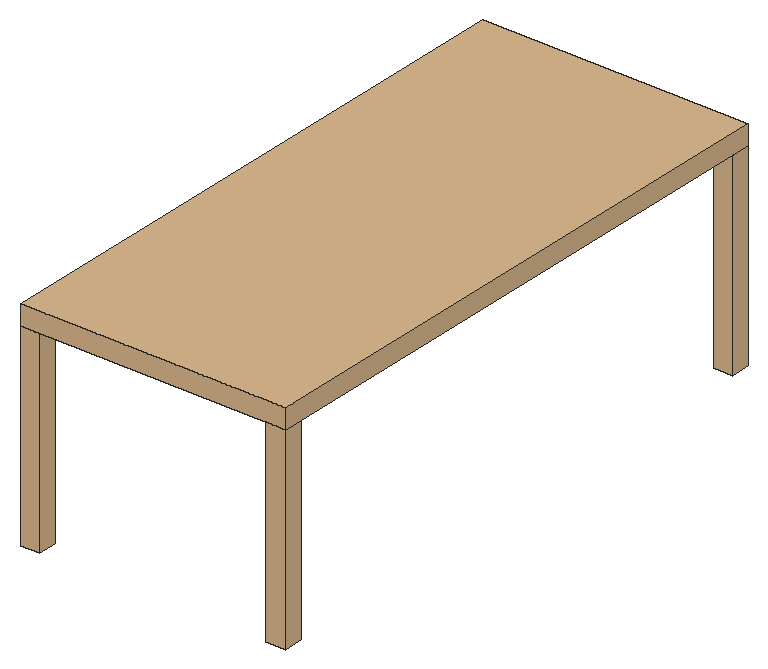
Revit family
Parameters (values of type "1200 x 550mm")
  Length = 1200 mm
  Width = 550 mm
  Leg Width = 40 mm
  Keynote = "N"
  Height = 450 mm
  Type Comments = ""
  Model = ""
  Material = Wood - Birch
  Manufacturer = "Revit"
  Description = "Coffee table"
  Cost = 0
  Assembly Code = "E2020200"
Types (4, lengths in mm): name | Length
  (no name) | 1200
  550 x 550mm | 550
  900 x 550mm | 900
  1200 x 550mm | 1200
Reference planes
  plane 1 "Center (Front/Back)": y = -360.624
  plane 2: z = 0
  plane 3 "Center (Left/Right)": x = -349.098
  plane 4: x = -624.098
  plane 5: y = 239.376
  plane 6: x = -74.098
  plane 7: y = -960.624
  plane 8: z = 450
  plane 9 "base altezza": z = 408.6
  plane 10: x = -584.098
  plane 11: x = -114.098
  plane 12: y = 199.376
  plane 13: y = -920.624
Forms (mm)
  Extrusion 1, solid, material "Wood - Birch" <- "Material"
    sketch origin (0, 0, 408.6) x (0, -1, 0) y (1, 0, 0)
      loop
        line (-239.376, -624.098) -> (960.624, -624.098) -> (960.624, -74.098) -> (-239.376, -74.098) -> (-239.376, -624.098)
    from 0 to 41.4
  Extrusion 2, solid, material "Wood - Birch" <- "Material"
    sketch origin (0, 0, 0) x (1, 0, 0) y (0, 1, 0)
      loop
        line (-624.098, 239.376) -> (-624.098, 199.376) -> (-584.098, 199.376) -> (-584.098, 239.376) -> (-624.098, 239.376)
      loop
        line (-114.098, 239.376) -> (-114.098, 199.376) -> (-74.098, 199.376) -> (-74.098, 239.376) -> (-114.098, 239.376)
      loop
        line (-114.098, -920.624) -> (-114.098, -960.624) -> (-74.098, -960.624) -> (-74.098, -920.624) -> (-114.098, -920.624)
      loop
        line (-584.098, -920.624) -> (-624.098, -920.624) -> (-624.098, -960.624) -> (-584.098, -960.624) -> (-584.098, -920.624)
    from 0 to 408.6
Lines and regions (mm)
  Masking region 1
    outline origin (0, 0, 0) x (1, 0, 0) y (0, 1, 0)
      loop
        line (-624.098, 239.376) -> (-624.098, -960.624) -> (-74.098, -960.624) -> (-74.098, 239.376) -> (-624.098, 239.376)
  symbolic lines
    curve 1: line (-624.098, 239.376, 0) -> (-74.098, 239.376, 0)
    curve 2: line (-624.098, -960.624, 0) -> (-624.098, 239.376, 0)
    curve 3: line (-74.098, -960.624, 0) -> (-624.098, -960.624, 0)
    curve 4: line (-74.098, 239.376, 0) -> (-74.098, -960.624, 0)
Dimensions and locks
  "Width": plane 4 to plane 6
  "Length": plane 7 to plane 5
  equal spacing: plane 4, plane 3 "Center (Left/Right)", plane 6
  equal spacing: plane 7, plane 1 "Center (Front/Back)", plane 5
  "Height": plane 8 to plane 2
  "Leg Width": plane 4 to plane 10
  "Leg Width": plane 11 to plane 6
  "Leg Width": plane 12 to plane 5
  "Leg Width": plane 7 to plane 13
  locked: plane 8 to plane 9 "base altezza" at 41.4
  aligned and locked: plane 4 to Extrusion 1 sketch curve
  aligned and locked: Extrusion 1 sketch curve to plane 5
  aligned and locked: plane 7 to Extrusion 1 sketch curve
  aligned and locked: Extrusion 1 sketch curve to plane 6
  aligned and locked: Extrusion 1 to plane 8
  aligned and locked: Extrusion 2 sketch curve to Extrusion 1  (x4)
  aligned and locked: plane 12 to Extrusion 2 sketch curve  (x2)
  aligned and locked: Extrusion 2 sketch curve to plane 10
  aligned and locked: Extrusion 2 sketch curve to plane 11
  aligned and locked: plane 5 to Extrusion 2 sketch curve
  aligned and locked: plane 6 to Extrusion 2 sketch curve
  aligned and locked: plane 11 to Extrusion 2 sketch curve
  aligned and locked: plane 13 to Extrusion 2 sketch curve
  aligned and locked: Extrusion 1 to Extrusion 2 sketch curve  (x2)
  aligned and locked: plane 10 to Extrusion 2 sketch curve
  aligned and locked: Extrusion 2 sketch curve to plane 13
  aligned and locked: Extrusion 2 to plane 9 "base altezza"
  aligned and locked: curve 1 to Extrusion 1  (x2)
  aligned and locked: Extrusion 1 to curve 4
  aligned and locked: curve 4 to Extrusion 1
  aligned: plane 4 to Masking region 1 sketch curve
  aligned: plane 6 to Masking region 1 sketch curve
Automatic sketch dimensions
  Masking region 1 sketch curve to plane 4 = 0 mm
  Masking region 1 sketch curve to plane 6 = 0 mm
  Masking region 1 sketch curve to plane 7 = 0 mm
  Masking region 1 sketch curve to plane 5 = 0 mm
